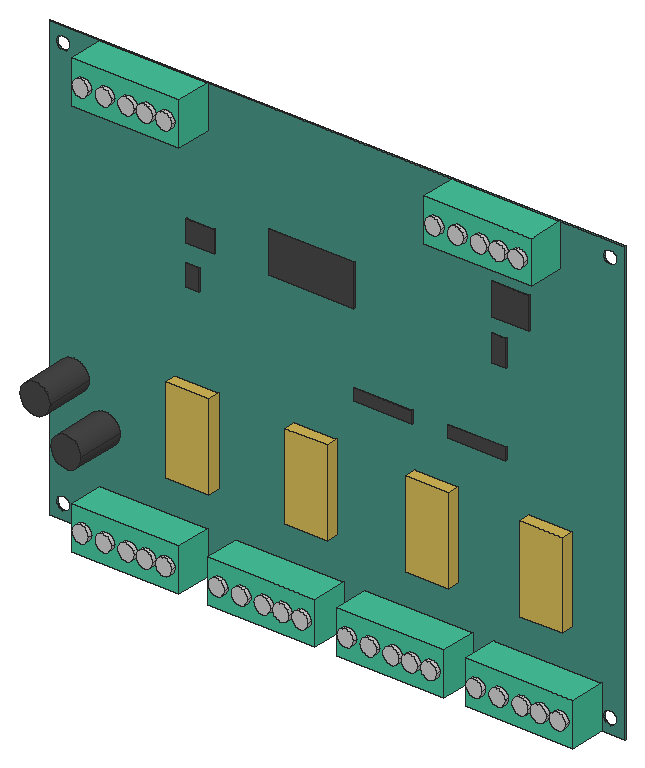
Revit family "TYCO-FPP-Zettler-QRM850 Quad relay output module", category Electrical Fixtures, Revit 2014
Parameters (values of type "TYCO-FPP-Zettler-QRM850 Quad relay output module")
  Wire Size = "Min. 0.5 mm2, max. 2.5 mm2"
  Width = 134 mm  # constant formula
  URL = "https://tycosafetyproducts-anz.com/public/Datasheet/120-515-039-MZX-A-QRM850-F-02.pdf"
  Type Comments = "It is\r\nloop powered and therefore does not need a power\r\nsupply, however it can monitor the presence of a local\r\n24Vdc or 48Vdc power supply."
  Storage Temparature = "40 to +80 oC"
  ST = ST12
  RSS = res
  RS = RS
  PCB = PCB
  Operating Temperature = "-25 to +70 oC"
  Operating Humidity = "Up to 95 %"
  Model = "Zettler -555.800.073"
  Manufacturer = "Tyco"
  Length = 103 mm  # constant formula
  Keynote = "Four change over relay outputs each individually\r\nprogrammable for a wide range of applications"
  Description = "The Quad Relay Output Module connects directly to the\r\nMZX Digital loop and provides four change over relay\r\noutputs or four High Voltage Relay (HVR) outputs."
  Battery Requirements = "Standby current\r\n1.1 mA"
  Approvals = "EN54-17, EN54-18 and\r\nEN54-13"
  Alarm current = "5.9 mA"
  Addressable Device = "Normal"
Reference planes
  plane 1 "Center (Front/Back)": y = 0
  plane 2: z = 0
  plane 3 "Center (Left/Right)": x = 0
  plane 4: z = 51.5
  plane 5: z = -51.5
  plane 6: x = -67
  plane 7: x = 67
Forms (mm)
  Extrusion 1, solid, material "PCB" <- "PCB", detail levels fine
    sketch origin (0, 0, 0) x (1, 0, 0) y (0, 0, 1)
      loop
        line (-67, 51.5) -> (-67, -51.5) -> (67, -51.5) -> (67, 51.5) -> (-67, 51.5)
      loop
        circle (63.688, 48.024) r 1.524
      loop
        circle (63.688, -48.024) r 1.524
      loop
        circle (-63.688, 48.024) r 1.524
      loop
        circle (-63.688, -48.024) r 1.524
    from 0 to -0.202
  Extrusion 2, solid, material "ST12" <- "ST", detail levels fine
    sketch origin (0, 0, 0) x (1, 0, 0) y (0, 0, 1)
      loop
        circle (-54.105, -28.995) r 3.518
      loop
        circle (-61.311, -20.407) r 3.518
    from 0 to 11.235
  Extrusion 3, solid, material "RS" <- "RS", detail levels fine
    sketch origin (0, 0, 0) x (1, 0, 0) y (0, 0, 1)
      loop
        line (-37.627, -32.282) -> (-27.627, -32.282) -> (-27.627, -12.282) -> (-37.627, -12.282) -> (-37.627, -32.282)
      loop
        line (-10, -32.282) -> (0, -32.282) -> (0, -12.282) -> (-10, -12.282) -> (-10, -32.282)
      loop
        line (18.186, -32.282) -> (28.186, -32.282) -> (28.186, -12.282) -> (18.186, -12.282) -> (18.186, -32.282)
      loop
        line (44.729, -32.282) -> (54.729, -32.282) -> (54.729, -12.282) -> (44.729, -12.282) -> (44.729, -32.282)
    from 0 to 2.827
  Extrusion 4, solid, material "ST12" <- "ST", detail levels fine
    sketch origin (0, 0, 0) x (1, 0, 0) y (0, 0, 1)
      loop
        line (-34.99, 21.563) -> (-34.99, 16.563) -> (-28.417, 16.563) -> (-28.417, 21.563) -> (-34.99, 21.563)
      loop
        line (-15.625, 26.182) -> (-15.625, 16.563) -> (4.095, 16.563) -> (4.095, 26.182) -> (-15.625, 26.182)
      loop
        line (4.095, -2.777) -> (17.598, -2.777) -> (17.598, 0) -> (4.095, 0) -> (4.095, -2.777)
      loop
        line (25.948, -2.777) -> (39.45, -2.777) -> (39.45, 0) -> (25.948, 0) -> (25.948, -2.777)
      loop
        line (-34.99, 12.307) -> (-34.99, 7.307) -> (-32.066, 7.307) -> (-32.066, 12.307) -> (-34.99, 12.307)
      loop
        line (36.272, 33.568) -> (36.272, 26.182) -> (44.799, 26.182) -> (44.799, 33.568) -> (36.272, 33.568)
      loop
        line (36.272, 22.704) -> (36.272, 16.563) -> (39.45, 16.563) -> (39.45, 22.704) -> (36.272, 22.704)
    from 0 to 0.208
  Extrusion 5, solid, material "res" <- "RSS", detail levels fine
    sketch origin (0, 0, 0) x (1, 0, 0) y (0, 0, 1)
      loop
        line (-55.155, 51.5) -> (-55.155, 41.5) -> (-30.155, 41.5) -> (-30.155, 51.5) -> (-55.155, 51.5)
      loop
        line (26.905, 51.5) -> (26.905, 41.5) -> (51.905, 41.5) -> (51.905, 51.5) -> (26.905, 51.5)
      loop
        line (-55.155, -41.5) -> (-55.155, -51.5) -> (-30.155, -51.5) -> (-30.155, -41.5) -> (-55.155, -41.5)
      loop
        line (-23.452, -41.5) -> (-23.452, -51.5) -> (1.548, -51.5) -> (1.548, -41.5) -> (-23.452, -41.5)
      loop
        line (6.548, -41.5) -> (6.548, -51.5) -> (31.548, -51.5) -> (31.548, -41.5) -> (6.548, -41.5)
      loop
        line (36.548, -41.5) -> (36.548, -51.5) -> (61.548, -51.5) -> (61.548, -41.5) -> (36.548, -41.5)
    from 0 to 8.284
  Extrusion 6, solid, material "RSS(1)", detail levels fine
    sketch origin (0, -8.284, 0) x (1, 0, 0) y (0, 0, 1)
      loop
        circle (-52.483, -46.482) r 1.889
      loop
        circle (-47.109, -46.482) r 1.889
      loop
        circle (-41.796, -46.482) r 1.889
      loop
        circle (-37.494, -46.482) r 1.889
      loop
        circle (-33.047, -46.482) r 1.889
      loop
        circle (-20.78, -46.482) r 1.889
      loop
        circle (-15.407, -46.482) r 1.889
      loop
        circle (-10.094, -46.482) r 1.889
      loop
        circle (-5.792, -46.482) r 1.889
      loop
        circle (-1.345, -46.482) r 1.889
      loop
        circle (9.22, -46.482) r 1.889
      loop
        circle (14.593, -46.482) r 1.889
      loop
        circle (19.906, -46.482) r 1.889
      loop
        circle (24.208, -46.482) r 1.889
      loop
        circle (28.655, -46.482) r 1.889
      loop
        circle (39.22, -46.482) r 1.889
      loop
        circle (44.593, -46.482) r 1.889
      loop
        circle (49.906, -46.482) r 1.889
      loop
        circle (54.208, -46.482) r 1.889
      loop
        circle (58.655, -46.482) r 1.889
      loop
        circle (29.577, 46.518) r 1.889
      loop
        circle (34.95, 46.518) r 1.889
      loop
        circle (40.263, 46.518) r 1.889
      loop
        circle (44.566, 46.518) r 1.889
      loop
        circle (49.012, 46.518) r 1.889
      loop
        circle (-52.483, 46.518) r 1.889
      loop
        circle (-47.109, 46.518) r 1.889
      loop
        circle (-41.796, 46.518) r 1.889
      loop
        circle (-37.494, 46.518) r 1.889
      loop
        circle (-33.047, 46.518) r 1.889
    from 0 to 0.851
Lines and regions (mm)
  model lines, detail levels coarse+medium
    curve 1: line (-67, 0, 51.5) -> (67, 0, 51.5)
    curve 2: line (-67, 0, -51.5) -> (-67, 0, 51.5)
    curve 3: line (67, 0, -51.5) -> (-67, 0, -51.5)
    curve 4: line (67, 0, 51.5) -> (67, 0, -51.5)
Dimensions and locks
  equal spacing: plane 4, plane 2, plane 5
  "Length": plane 4 to plane 5
  equal spacing: plane 7, plane 3 "Center (Left/Right)", plane 6
  "Width": plane 7 to plane 6
  aligned and locked: level to plane 2
  aligned and locked: Extrusion 1 sketch curve to plane 4
  aligned and locked: plane 6 to Extrusion 1 sketch curve
  aligned and locked: Extrusion 1 sketch curve to plane 5
  aligned and locked: plane 7 to Extrusion 1 sketch curve
  aligned and locked: Extrusion 2 to plane 1 "Center (Front/Back)"
  aligned and locked: Extrusion 3 to plane 1 "Center (Front/Back)"
  aligned and locked: Extrusion 4 to plane 1 "Center (Front/Back)"
  aligned and locked: Extrusion 5 to plane 1 "Center (Front/Back)"
  aligned and locked: Extrusion 6 to Extrusion 5
  aligned and locked: curve 1 to plane 4
  aligned and locked: plane 7 to curve 4
  aligned and locked: curve 3 to plane 5
  aligned and locked: plane 6 to curve 2
Automatic sketch dimensions
  plane 6 to Extrusion 1 sketch curve = 3.312 mm  (x2)
  plane 7 to Extrusion 1 sketch curve = 3.312 mm  (x2)
  Extrusion 1 sketch curve to plane 5 = 3.476 mm  (x2)
  Extrusion 1 sketch curve to plane 4 = 3.476 mm  (x2)
  plane 6 to Extrusion 2 sketch curve = 5.689 mm
  Extrusion 2 sketch curve to Extrusion 2 sketch curve = 7.206 mm
  Extrusion 2 sketch curve to plane 5 = 22.505 mm
  Extrusion 2 sketch curve to Extrusion 2 sketch curve = 8.588 mm
  Extrusion 3 sketch curve to plane 3 "Center (Left/Right)" = 0 mm
  Extrusion 3 sketch curve to Extrusion 3 sketch curve = 10 mm  (x4)
  Extrusion 3 sketch curve to Extrusion 3 sketch curve = 17.627 mm
  plane 3 "Center (Left/Right)" to Extrusion 3 sketch curve = 18.186 mm
  Extrusion 3 sketch curve to Extrusion 3 sketch curve = 16.543 mm
  Extrusion 3 sketch curve to plane 5 = 19.218 mm  (x2)
  Extrusion 3 sketch curve to Extrusion 3 sketch curve = 0 mm  (x2)
  Extrusion 3 sketch curve to level = 12.282 mm  (x4)
  Extrusion 4 sketch curve to level = 0 mm  (x2)
  plane 6 to Extrusion 4 sketch curve = 32.01 mm
  Extrusion 4 sketch curve to Extrusion 4 sketch curve = 0 mm  (x3)
  Extrusion 4 sketch curve to Extrusion 4 sketch curve = 2.925 mm
  Extrusion 4 sketch curve to Extrusion 4 sketch curve = 6.574 mm
  Extrusion 4 sketch curve to Extrusion 4 sketch curve = 12.792 mm
  plane 3 "Center (Left/Right)" to Extrusion 4 sketch curve = 4.095 mm  (x2)
  Extrusion 4 sketch curve to Extrusion 4 sketch curve = 13.502 mm  (x2)
  Extrusion 4 sketch curve to level = 2.777 mm  (x2)
  Extrusion 4 sketch curve to Extrusion 4 sketch curve = 8.35 mm
  Extrusion 4 sketch curve to Extrusion 4 sketch curve = 10.324 mm
  Extrusion 4 sketch curve to Extrusion 4 sketch curve = 3.179 mm
  Extrusion 4 sketch curve to Extrusion 4 sketch curve = 5.349 mm
  level to Extrusion 4 sketch curve = 7.307 mm
  Extrusion 4 sketch curve to Extrusion 4 sketch curve = 5 mm  (x2)
  Extrusion 4 sketch curve to Extrusion 4 sketch curve = 4.256 mm
  Extrusion 4 sketch curve to Extrusion 4 sketch curve = 16.563 mm
  Extrusion 4 sketch curve to Extrusion 4 sketch curve = 6.141 mm
  Extrusion 4 sketch curve to Extrusion 4 sketch curve = 3.478 mm
  Extrusion 4 sketch curve to Extrusion 4 sketch curve = 9.619 mm
  Extrusion 4 sketch curve to Extrusion 4 sketch curve = 7.386 mm
  Extrusion 5 sketch curve to plane 4 = 0 mm  (x2)
  Extrusion 5 sketch curve to plane 5 = 0 mm  (x4)
  plane 6 to Extrusion 5 sketch curve = 11.845 mm  (x2)
  Extrusion 5 sketch curve to Extrusion 5 sketch curve = 25 mm  (x3)
  Extrusion 5 sketch curve to plane 5 = 10 mm  (x2)
  Extrusion 5 sketch curve to Extrusion 5 sketch curve = 6.702 mm
  plane 3 "Center (Left/Right)" to Extrusion 5 sketch curve = 1.548 mm
  Extrusion 5 sketch curve to Extrusion 5 sketch curve = 5 mm  (x2)
  plane 3 "Center (Left/Right)" to Extrusion 5 sketch curve = 26.905 mm
  plane 7 to Extrusion 5 sketch curve = 15.095 mm
  plane 7 to Extrusion 5 sketch curve = 5.452 mm
  Extrusion 5 sketch curve to Extrusion 5 sketch curve = 0 mm  (x2)
  Extrusion 5 sketch curve to plane 4 = 10 mm  (x2)
  Extrusion 6 sketch curve to Extrusion 5 = 2.672 mm  (x5)
  Extrusion 6 sketch curve to Extrusion 6 sketch curve = 5.373 mm  (x5)
  Extrusion 6 sketch curve to Extrusion 6 sketch curve = 5.313 mm  (x4)
  Extrusion 6 sketch curve to Extrusion 6 sketch curve = 4.302 mm  (x4)
  Extrusion 6 sketch curve to Extrusion 5 = 2.892 mm  (x5)
  Extrusion 5 to Extrusion 6 sketch curve = 2.697 mm
  Extrusion 6 sketch curve to Extrusion 5 = 1.75 mm
  Extrusion 6 sketch curve to Extrusion 5 = 1.971 mm
  Extrusion 5 to Extrusion 6 sketch curve = 1.597 mm
  Extrusion 6 sketch curve to Extrusion 5 = 3.716 mm
  Extrusion 6 sketch curve to Extrusion 5 = 1.999 mm
  Extrusion 5 to Extrusion 6 sketch curve = 2.303 mm
  Extrusion 6 sketch curve to Extrusion 5 = 4.982 mm  (x18)
  Extrusion 6 sketch curve to Extrusion 6 sketch curve = 0 mm  (x12)
  radius of Extrusion 1 sketch curve = 1.524 mm  (x4)
  radius of Extrusion 2 sketch curve = 3.518 mm  (x2)
  radius of Extrusion 6 sketch curve = 1.889 mm  (x30)
Connectors
  electrical at (0, 0.202, 0)
    settings: on Extrusion 1, index 1, voltage 24 V, apparent load 0 VA, apparent load phase1 0 VA, apparent load phase2 0 VA, apparent load phase3 0 VA, power factor 1, load classification "Other", number of poles 1, system type 31, power factor state 1, is connector primary yes, connector utility no, sub classification motor no, connector description ""
